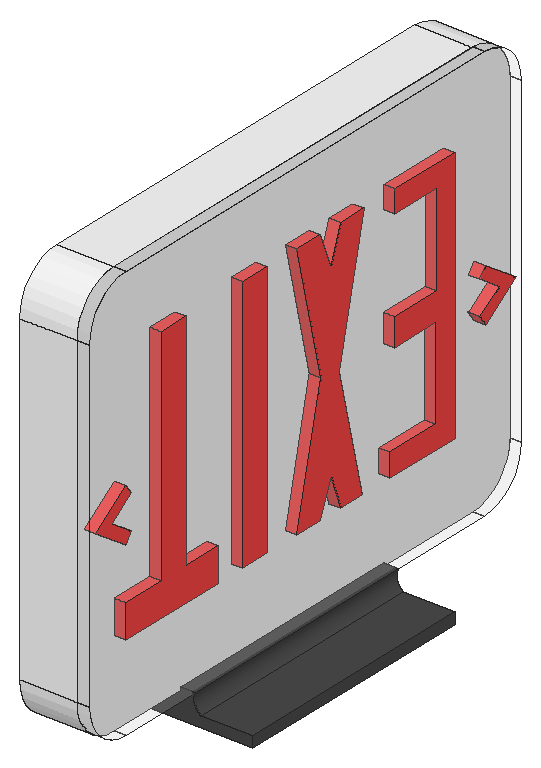
Revit family "SEMR_Ceiling", category Lighting Fixtures, host Face, Revit 2014
Parameters (values of type "SEMR-S-R")
  zz Length 1 [instance] = if(Single Face, 0.200", 0.250")  # 0.200"
  Watts = 3.72 W
  Wattage Comments = "3.72 W"
  Warranty = "Fixture: 5 Years Full; Battery: 2 Years Full, 8 Years Pro-Rata"  # constant formula
  Wall Plate Material = Hubbell - Black
  Voltage [instance] = if(Is 120VAC, 120 V, 277 V)  # 120 V
  URL = "https://www.hubbell.com/dual-lite/en"
  Type Comments = "Exit Light"  # constant formula
  Single Face = yes
  Product Page URL = "https://www.hubbell.com/dual-lite/en/Products/Lighting-Controls/Emergency-Exit-Lighting/Exit-Message-Signs/SEMR-Series/p/222337"
  Product Documentation Link = "https://hubbellcdn.com/specsheet/dlt_semr_specsht.pdf"
  Model = "SEMR"
  Manufacturer = "DUAL-LITE"  # constant formula
  Load Classification = Lighting
  Lens = Hubbell - Red Glass
  Lamp = "LED Lamp"  # constant formula
  Is 277VAC [instance] = not(Is 120VAC)  # no
  Is 120VAC [instance] = yes
  Holder Material = Hubbell - Steel
  Glass = Hubbell - light Glass
  Finish = Hubbell - White
  Features = "High-strength cast aluminum construction\r\n• Compact, low-profile style\r\n• Red and Green letters\r\n• Break out chevron directional arrows\r\n• Wide range of options including vandal/tamper-proof"  # constant formula
  Double Face = no
  Description = "A nickel-cadmium battery is supplied with master exits and comes with a solid state constant current type charger. Transfer to emergency\r\noperation is completely automatic upon failure of utility AC voltage. Units also have a built-in protection for transformer isolation, surge,\r\ntransient and low voltage disconnect. Emergency operation shall be provided for a minimum of 90 minutes. Full battery recharge occurs\r\nin compliance with UL 924 specifications. A universal 120/277 VAC, 60Hz input transformer, test switch and long life AC pilot light are all\r\nprovided standard. Exit signs must comply with all UL 924 and NFPA 101 Life Safety Code requirement"  # constant formula
  Default Elevation = 48.000"
  Certification = "UL 924 Listed\r\nNFPA 101 Life Safety Code\r\nCEC T20 Compliant"  # constant formula
  Ceiling = Ceiling : C1
  Application = "The Sempra® MR Series are a set of compact, low-profile Master/\r\nRemote exit sign featuring cast aluminum construction. It allows for\r\neasy installation and has energy saving, long-life LED lamps. "  # constant formula
  Apparent Load = Watts  # 3.72 VA
Types (4): name | Lens | Double Face
  SEMR-S-R | Hubbell - Red Glass | no
  SEMR-S-G | Hubbell - Green Glass | no
  SEMR-D-G | Hubbell - Green Glass | yes
  SEMR-D-R | Hubbell - Red Glass | yes
Reference planes (in)
  plane 1 "Center (Front/Back)": y = 0
  plane 2: z = 0
  plane 3 "Center (Left/Right)": x = 0
  plane 4: x = -6.25
  plane 5: x = 6.25
  plane 6: x = -2.75
  plane 7: x = 2.75
  plane 8: z = 9.3
  plane 9: y = -1.25
  plane 10: y = 1.25
  plane 11: y = -2.2
  plane 12: y = 2.2
Forms (in)
  Extrusion 1, solid, material "Hubbell - Black" <- "Wall Plate Material"
    sketch origin (-0.33698, -0.33698, 0) x (1, 0, 0) y (0, 0, 1)
      loop
        line (2.20258, 0) -> (2.20258, 0.24288) -> (1.0795, 0.24288)
        arc (1.0795, 0.24288) -> (0.94157, 0.42301) -> (0.97906, 0.64676) r 0.28476
        line (0.97906, 0.64676) -> (-0.97906, 0.64676)
        arc (-0.97906, 0.64676) -> (-0.94157, 0.42301) -> (-1.0795, 0.24288) r 0.28476
        line (-1.0795, 0.24288) -> (-2.20258, 0.24288) -> (-2.20258, 0) -> (2.20258, 0)
    from -2.75 to 2.75
Dimensions and locks (in)
  plane 4 to plane 3 "Center (Left/Right)" = 6.250"
  equal spacing: plane 4, plane 3 "Center (Left/Right)", plane 5
  equal spacing: plane 6, plane 3 "Center (Left/Right)", plane 7
  plane 6 to plane 3 "Center (Left/Right)" = 2.750"
  plane 7 to plane 6 = 5.500"
  plane 5 to plane 4 = 12.500"
  aligned and locked: plane 2 to host face
  aligned and locked: level to host face
Automatic sketch dimensions
  host sketch curve to host sketch curve = 96.000"  (x2)
  Extrusion 1 sketch curve to level = 0.000"
  plane 6 to Extrusion 1 sketch curve = 0.21043"
  level to Extrusion 1 sketch curve = 0.49173"
  Extrusion 1 sketch curve to Extrusion 1 sketch curve = 0.98467"
  Extrusion 1 sketch curve to Extrusion 1 sketch curve = 0.13842"  (x2)
  Extrusion 1 sketch curve to Extrusion 1 sketch curve = 0.23886"
  plane 3 "Center (Left/Right)" to Extrusion 1 sketch curve = 0.64208"
  Extrusion 1 sketch curve to Extrusion 1 sketch curve = 0.10044"
  level to Extrusion 1 sketch curve = 0.24288"
  Extrusion 1 sketch curve to plane 7 = 0.8844"
  Extrusion 1 sketch curve to Extrusion 1 sketch curve = 0.24288"
Nested families (in)
  nested 1: "Ceiling" at (-0.3125, 0, 0.5625) x (0, 1, 0) z (0, 0, 1), type <- "Ceiling", type "C1"
Connectors (in)
  electrical at (-0.33698, -0.33698, 0), driven by "Voltage", driven by "Apparent Load"
    settings: on Extrusion 1, index 1, voltage 120 V, apparent load 3.72 VA, apparent load phase1 0 VA, apparent load phase2 0 VA, apparent load phase3 0 VA, power factor 1, load classification "Other", number of poles 1, system type 30, power factor state 1, is connector primary yes, connector utility no, sub classification motor no, connector description "Lighting Connector"
Definition of nested family "Ceiling"
  Parameters (values of type "C1")
    Single Face = yes
    Lens = Hubbell - Red Glass
    Glass = Hubbell - Glass
    Finish = Hubbell - White
    Double Face = no
  Reference planes (in)
    plane 1 "Center (Front/Back)": y = 0
    plane 2: z = 0
    plane 3 "Center (Left/Right)": x = 0
    plane 4: x = -5.875
    plane 5: x = 5.875
    plane 6: z = 9.055
    plane 7: y = -0.866
    plane 8: y = 0.866
  Forms (in)
    Extrusion 1, solid, material "Hubbell - White" <- "Finish"
      sketch origin (0, 0.02507, -0.25) x (1, 0, 0) y (0, 0, 1)
        loop
          arc (-4.875, 9.3) -> (-5.58211, 9.00711) -> (-5.875, 8.3) r 1
          line (-5.875, 8.3) -> (-5.875, 1.25)
          arc (-5.875, 1.25) -> (-5.58211, 0.54289) -> (-4.875, 0.25) r 1
          line (-4.875, 0.25) -> (4.875, 0.25)
          arc (4.875, 0.25) -> (5.58211, 0.54289) -> (5.875, 1.25) r 1
          line (5.875, 1.25) -> (5.875, 8.3)
          arc (5.875, 8.3) -> (5.58211, 9.00711) -> (4.875, 9.3) r 1
          line (4.875, 9.3) -> (-4.875, 9.3)
      from -0.625 to 0.625
    Extrusion 2, solid, material "Hubbell - Red Glass" <- "Lens", visible <- "Single Face"
      sketch origin (0, 0.02507, 1) x (1, 0, 0) y (0, 0, 1)
        loop
          line (-4.88814, 3.88778) -> (-5.7073, 3.3142) -> (-4.88814, 2.74063) -> (-4.74475, 2.94542) -> (-5.27143, 3.3142) -> (-4.74475, 3.68299) -> (-4.88814, 3.88778)
        loop
          line (4.88814, 3.88778) -> (4.74475, 3.68299) -> (5.27143, 3.3142) -> (4.74475, 2.94542) -> (4.88814, 2.74063) -> (5.7073, 3.3142) -> (4.88814, 3.88778)
        loop
          line (2.43416, 6.45678) -> (2.43416, 5.97564) -> (3.5716, 5.97564) -> (3.5716, 3.97225) -> (2.43416, 3.97225) -> (2.43416, 3.36683) -> (3.55274, 3.3823) -> (3.55274, 1.3823) -> (2.30274, 1.3823) -> (2.30274, 0.8823) -> (4.05274, 0.8823) -> (4.05274, 6.45678) -> (2.43416, 6.45678)
        loop
          line (1.58093, 6.45573) -> (0.95036, 6.45573) -> (0.67318, 5.69418) -> (0.396, 6.45573) -> (-0.23457, 6.45573) -> (0.40867, 3.66954) -> (-0.23457, 0.88335) -> (0.396, 0.88335) -> (0.67318, 1.64489) -> (0.95036, 0.88335) -> (1.53078, 0.88335) -> (0.91261, 3.56092) -> (1.58093, 6.45573)
        loop
          line (-1.71319, 6.47228) -> (-1.71319, 0.88335) -> (-1.04357, 0.88335) -> (-1.04357, 6.47228) -> (-1.71319, 6.47228)
        loop
          line (-2.38057, 0.88335) -> (-2.38057, 1.61488) -> (-3.25288, 1.61488) -> (-3.25288, 6.47228) -> (-3.9225, 6.47228) -> (-3.9225, 1.61488) -> (-4.89234, 1.61488) -> (-4.89234, 0.88335) -> (-2.38057, 0.88335)
      from 0.625 to 0.89107
    Extrusion 3, solid, material "Hubbell - Glass" <- "Glass", visible <- "Single Face"
      sketch origin (0, 0.02507, -0.25) x (1, 0, 0) y (0, 0, 1)
        loop
          line (-5.875, 8.305) -> (-5.875, 1.25)
          arc (-5.875, 1.25) -> (-5.58211, 0.54289) -> (-4.875, 0.25) r 1
          line (-4.875, 0.25) -> (4.875, 0.25)
          arc (4.875, 0.25) -> (5.58211, 0.54289) -> (5.875, 1.25) r 1
          line (5.875, 1.25) -> (5.875, 8.305)
          arc (5.875, 8.305) -> (5.58211, 9.01211) -> (4.875, 9.305) r 1
          line (4.875, 9.305) -> (-4.875, 9.305)
          arc (-4.875, 9.305) -> (-5.58211, 9.01211) -> (-5.875, 8.305) r 1
      from 0.625 to 0.89107
    Extrusion 4, solid, material "Hubbell - Red Glass" <- "Lens", visible <- "Double Face"
      sketch origin (0, 0.02507, 8.35458) x (-1, 0, 0) y (0, 0, 1)
        loop
          line (-4.88814, -3.88778) -> (-4.74475, -3.68299) -> (-5.27143, -3.3142) -> (-4.74475, -2.94542) -> (-4.88814, -2.74063) -> (-5.7073, -3.3142) -> (-4.88814, -3.88778)
        loop
          line (4.88814, -3.88778) -> (5.7073, -3.3142) -> (4.88814, -2.74063) -> (4.74475, -2.94542) -> (5.27143, -3.3142) -> (4.74475, -3.68299) -> (4.88814, -3.88778)
        loop
          line (2.43416, -6.45678) -> (4.05274, -6.45678) -> (4.05274, -0.8823) -> (2.30274, -0.8823) -> (2.30274, -1.3823) -> (3.55274, -1.3823) -> (3.55274, -3.3823) -> (2.43416, -3.36683) -> (2.43416, -3.97225) -> (3.5716, -3.97225) -> (3.5716, -5.97564) -> (2.43416, -5.97564) -> (2.43416, -6.45678)
        loop
          line (1.58093, -6.45573) -> (0.91261, -3.56092) -> (1.53078, -0.88335) -> (0.95036, -0.88335) -> (0.67318, -1.64489) -> (0.396, -0.88335) -> (-0.23457, -0.88335) -> (0.40867, -3.66954) -> (-0.23457, -6.45573) -> (0.396, -6.45573) -> (0.67318, -5.69418) -> (0.95036, -6.45573) -> (1.58093, -6.45573)
        loop
          line (-1.71319, -6.47228) -> (-1.04357, -6.47228) -> (-1.04357, -0.88335) -> (-1.71319, -0.88335) -> (-1.71319, -6.47228)
        loop
          line (-4.89234, -6.47228) -> (-2.38057, -6.47228) -> (-2.38057, -5.74075) -> (-3.35041, -5.74075) -> (-3.35041, -0.88335) -> (-4.02003, -0.88335) -> (-4.02003, -5.74075) -> (-4.89234, -5.74075) -> (-4.89234, -6.47228)
      from 0.625 to 0.84093
    Extrusion 5, solid, material "Hubbell - Glass" <- "Glass", visible <- "Double Face"
      sketch origin (0, 0.02507, -0.25) x (1, 0, 0) y (0, 0, -1)
        loop
          line (5.875, -8.3) -> (5.875, -1.25)
          arc (5.875, -1.25) -> (5.58211, -0.54289) -> (4.875, -0.25) r 1
          line (4.875, -0.25) -> (-4.875, -0.25)
          arc (-4.875, -0.25) -> (-5.58211, -0.54289) -> (-5.875, -1.25) r 1
          line (-5.875, -1.25) -> (-5.875, -8.3)
          arc (-5.875, -8.3) -> (-5.58211, -9.00711) -> (-4.875, -9.3) r 1
          line (-4.875, -9.3) -> (4.875, -9.3)
          arc (4.875, -9.3) -> (5.58211, -9.00711) -> (5.875, -8.3) r 1
      from 0.625 to 0.84093
  Dimensions and locks (in)
    aligned and locked: plane 2 to level
